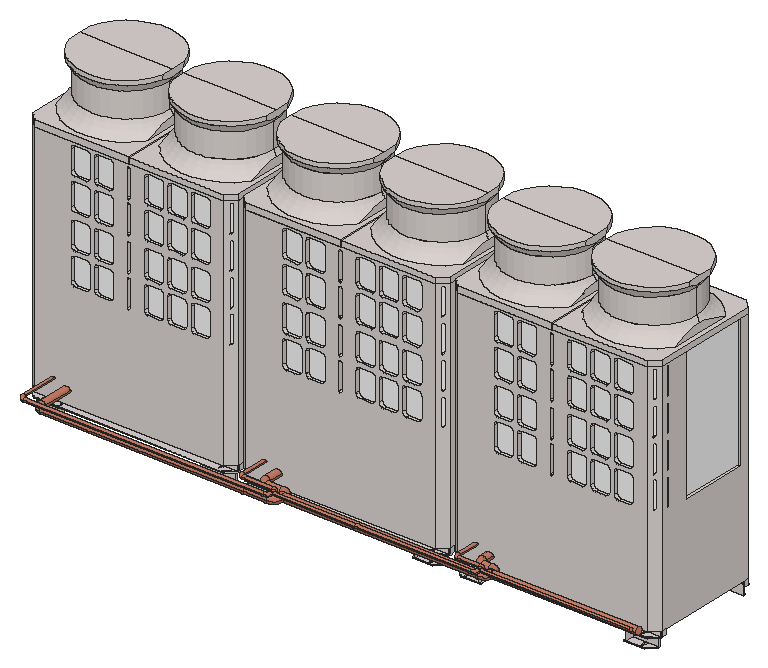
Revit family "PUHY-EP1150YSNW-A1", category 機械設備, Revit 2016 (continued)
Definition of nested family "PUHY-EP350YNW-A1"
  Lines and regions (mm)
    model lines
      curve 14: line (-347, -370, 205) -> (-347, -370, 141)
      curve 15: arc (-485, -370, 215) -> (-492.071, -370, 212.071) -> (-495, -370, 205) r 10
      curve 16: arc (-495, -370, 141) -> (-492.071, -370, 133.929) -> (-485, -370, 131) r 10
      curve 17: arc (-357, -370, 131) -> (-349.929, -370, 133.929) -> (-347, -370, 141) r 10
      curve 18: arc (-347, -370, 205) -> (-349.929, -370, 212.071) -> (-357, -370, 215) r 10
      curve 19: line (-405, -370, 1521) -> (-405, -370, 716)
      curve 20: line (620, -162.3, 1521) -> (620, -162.3, 95)
      curve 21: line (620, 289.2, 1521) -> (620, 289.2, 95)
      curve 22: line (620, -162.3, 705) -> (620, 289.2, 705)
      curve 23: line (620, -162.3, 725) -> (620, 289.2, 725)
      curve 24: line (620, -76.8, 583) -> (620, 203.2, 583)
      curve 25: line (620, 203.2, 563) -> (620, -76.8, 563)
      curve 26: arc (620, -76.8, 583) -> (620, -83.871, 580.071) -> (620, -86.8, 573) r 10
      curve 27: arc (620, -76.8, 563) -> (620, -83.871, 565.929) -> (620, -86.8, 573) r 10
      curve 28: arc (620, 203.2, 583) -> (620, 210.271, 580.071) -> (620, 213.2, 573) r 10
      curve 29: arc (620, 203.2, 563) -> (620, 210.271, 565.929) -> (620, 213.2, 573) r 10
      curve 30: line (620, -76.8, 478) -> (620, 203.2, 478)
      curve 31: line (620, 203.2, 458) -> (620, -76.8, 458)
      curve 32: arc (620, -76.8, 478) -> (620, -83.871, 475.071) -> (620, -86.8, 468) r 10
      curve 33: arc (620, -76.8, 458) -> (620, -83.871, 460.929) -> (620, -86.8, 468) r 10
      curve 34: arc (620, 203.2, 478) -> (620, 210.271, 475.071) -> (620, 213.2, 468) r 10
      curve 35: arc (620, 203.2, 458) -> (620, 210.271, 460.929) -> (620, 213.2, 468) r 10
      curve 36: line (620, -76.8, 373) -> (620, 203.2, 373)
      curve 37: line (620, 203.2, 353) -> (620, -76.8, 353)
      curve 38: arc (620, -76.8, 373) -> (620, -83.871, 370.071) -> (620, -86.8, 363) r 10
      curve 39: arc (620, -76.8, 353) -> (620, -83.871, 355.929) -> (620, -86.8, 363) r 10
      curve 40: arc (620, 203.2, 373) -> (620, 210.271, 370.071) -> (620, 213.2, 363) r 10
      curve 41: arc (620, 203.2, 353) -> (620, 210.271, 355.929) -> (620, 213.2, 363) r 10
      curve 42: line (620, -76.8, 268) -> (620, 203.2, 268)
      curve 43: line (620, 203.2, 248) -> (620, -76.8, 248)
      curve 44: arc (620, -76.8, 268) -> (620, -83.871, 265.071) -> (620, -86.8, 258) r 10
      curve 45: arc (620, -76.8, 248) -> (620, -83.871, 250.929) -> (620, -86.8, 258) r 10
      curve 46: arc (620, 203.2, 268) -> (620, 210.271, 265.071) -> (620, 213.2, 258) r 10
      curve 47: arc (620, 203.2, 248) -> (620, 210.271, 250.929) -> (620, 213.2, 258) r 10
      curve 48: line (-620, -162.3, 1521) -> (-620, -162.3, 95)
      curve 49: line (-620, 235.7, 1521) -> (-620, 235.7, 95)
      curve 50: line (-620, -112.3, 1521) -> (-620, -112.3, 705)
      curve 51: line (-620, 215.7, 1521) -> (-620, 215.7, 705)
      curve 52: line (-620, 235.7, 705) -> (-620, -162.3, 705)
      curve 53: line (-620, 176.7, 268) -> (-620, -103.3, 268)
      curve 54: line (-620, -103.3, 248) -> (-620, 176.7, 248)
      curve 55: arc (-620, 186.7, 258) -> (-620, 183.771, 265.071) -> (-620, 176.7, 268) r 10
      curve 56: arc (-620, 176.7, 248) -> (-620, 183.771, 250.929) -> (-620, 186.7, 258) r 10
      curve 57: arc (-620, -103.3, 268) -> (-620, -110.371, 265.071) -> (-620, -113.3, 258) r 10
      curve 58: arc (-620, -113.3, 258) -> (-620, -110.371, 250.929) -> (-620, -103.3, 248) r 10
      curve 59: line (-620, 176.7, 373) -> (-620, -103.3, 373)
      curve 60: line (-620, -103.3, 353) -> (-620, 176.7, 353)
      curve 61: arc (-620, 186.7, 363) -> (-620, 183.771, 370.071) -> (-620, 176.7, 373) r 10
      curve 62: arc (-620, 176.7, 353) -> (-620, 183.771, 355.929) -> (-620, 186.7, 363) r 10
      curve 63: arc (-620, -103.3, 373) -> (-620, -110.371, 370.071) -> (-620, -113.3, 363) r 10
      curve 64: arc (-620, -113.3, 363) -> (-620, -110.371, 355.929) -> (-620, -103.3, 353) r 10
      curve 65: line (-620, 176.7, 478) -> (-620, -103.3, 478)
      curve 66: line (-620, -103.3, 458) -> (-620, 176.7, 458)
      curve 67: arc (-620, 186.7, 468) -> (-620, 183.771, 475.071) -> (-620, 176.7, 478) r 10
      curve 68: arc (-620, 176.7, 458) -> (-620, 183.771, 460.929) -> (-620, 186.7, 468) r 10
      curve 69: arc (-620, -103.3, 478) -> (-620, -110.371, 475.071) -> (-620, -113.3, 468) r 10
      curve 70: arc (-620, -113.3, 468) -> (-620, -110.371, 460.929) -> (-620, -103.3, 458) r 10
      curve 71: line (-620, 176.7, 583) -> (-620, -103.3, 583)
      curve 72: line (-620, -103.3, 563) -> (-620, 176.7, 563)
      curve 73: arc (-620, 186.7, 573) -> (-620, 183.771, 580.071) -> (-620, 176.7, 583) r 10
      curve 74: arc (-620, 176.7, 563) -> (-620, 183.771, 565.929) -> (-620, 186.7, 573) r 10
      curve 75: arc (-620, -103.3, 583) -> (-620, -110.371, 580.071) -> (-620, -113.3, 573) r 10
      curve 76: arc (-620, -113.3, 573) -> (-620, -110.371, 565.929) -> (-620, -103.3, 563) r 10
      curve 77: line (-544, 370, 1521) -> (-544, 370, 95)
      curve 78: line (489, 370, 649) -> (30, 370, 649)
      curve 79: line (-30.5, 370, 649) -> (-544, 370, 649)
      curve 80: line (-147.25, 370, 584) -> (-427.25, 370, 584)
      curve 81: line (-427.25, 370, 564) -> (-147.25, 370, 564)
      curve 82: arc (-137.25, 370, 574) -> (-140.179, 370, 581.071) -> (-147.25, 370, 584) r 10
      curve 83: arc (-147.25, 370, 564) -> (-140.179, 370, 566.929) -> (-137.25, 370, 574) r 10
      curve 84: arc (-427.25, 370, 584) -> (-434.321, 370, 581.071) -> (-437.25, 370, 574) r 10
      curve 85: arc (-437.25, 370, 574) -> (-434.321, 370, 566.929) -> (-427.25, 370, 564) r 10
      curve 86: circle (448, -185, 1521) r 15 normal (0, 0, 1)
      curve 87: circle (468, -185, 95) r 26 normal (0, 0, 1)
      curve 88: circle (448, -260, 95) r 32.5 normal (0, 0, 1)
      curve 89: circle (404, -204, 95) r 17 normal (0, 0, 1)
      curve 90: line (-550, -370, 1521) -> (-550, -370, 95)
      curve 91: line (-550, -370, 716) -> (-30, -370, 716)
      curve 92: line (550, -370, 95) -> (550, -370, 1521)
      curve 93: line (30, -370, 716) -> (550, -370, 716)
      curve 94: line (-30.5, 370, 1521) -> (-30.5, 370, 95)
      curve 95: line (30, 370, 1521) -> (30, 370, 95)
      curve 96: line (489, 370, 1521) -> (489, 370, 95)
      curve 97: line (467, 370, 669) -> (467, 370, 649)
      curve 98: line (-352, -370, 223) -> (-550, -370, 223)
      curve 99: line (-342, -370, 213) -> (-342, -370, 95)
      curve 100: arc (-342, -370, 213) -> (-344.929, -370, 220.071) -> (-352, -370, 223) r 10
      curve 101: circle (488, -370, 160) r 32.5 normal (0, -1, 0)
      curve 102: circle (488, -370, 160) r 20 normal (0, -1, 0)
      curve 103: circle (364, -370, 150) r 17 normal (0, -1, 0)
      curve 104: circle (413, -370, 185) r 26 normal (0, -1, 0)
      curve 105: circle (413, -370, 185) r 13.5 normal (0, -1, 0)
      curve 106: line (352, -370, 223) -> (550, -370, 223)
      curve 107: line (342, -370, 213) -> (342, -370, 95)
      curve 108: arc (342, -370, 213) -> (344.929, -370, 220.071) -> (352, -370, 223) r 10
      curve 109: line (-147.25, 370, 479) -> (-427.25, 370, 479)
      curve 110: line (-427.25, 370, 459) -> (-147.25, 370, 459)
      curve 111: arc (-137.25, 370, 469) -> (-140.179, 370, 476.071) -> (-147.25, 370, 479) r 10
      curve 112: arc (-147.25, 370, 459) -> (-140.179, 370, 461.929) -> (-137.25, 370, 469) r 10
      curve 113: arc (-427.25, 370, 479) -> (-434.321, 370, 476.071) -> (-437.25, 370, 469) r 10
      curve 114: arc (-437.25, 370, 469) -> (-434.321, 370, 461.929) -> (-427.25, 370, 459) r 10
      curve 115: line (-147.25, 370, 374) -> (-427.25, 370, 374)
      curve 116: line (-427.25, 370, 354) -> (-147.25, 370, 354)
      curve 117: arc (-137.25, 370, 364) -> (-140.179, 370, 371.071) -> (-147.25, 370, 374) r 10
      curve 118: arc (-147.25, 370, 354) -> (-140.179, 370, 356.929) -> (-137.25, 370, 364) r 10
      curve 119: arc (-427.25, 370, 374) -> (-434.321, 370, 371.071) -> (-437.25, 370, 364) r 10
      curve 120: arc (-437.25, 370, 364) -> (-434.321, 370, 356.929) -> (-427.25, 370, 354) r 10
      curve 121: line (-147.25, 370, 269) -> (-427.25, 370, 269)
      curve 122: line (-427.25, 370, 249) -> (-147.25, 370, 249)
      curve 123: arc (-137.25, 370, 259) -> (-140.179, 370, 266.071) -> (-147.25, 370, 269) r 10
      curve 124: arc (-147.25, 370, 249) -> (-140.179, 370, 251.929) -> (-137.25, 370, 259) r 10
      curve 125: arc (-427.25, 370, 269) -> (-434.321, 370, 266.071) -> (-437.25, 370, 259) r 10
      curve 126: arc (-437.25, 370, 259) -> (-434.321, 370, 251.929) -> (-427.25, 370, 249) r 10
      curve 127: line (399.5, 370, 584) -> (119.5, 370, 584)
      curve 128: line (119.5, 370, 564) -> (399.5, 370, 564)
      curve 129: arc (409.5, 370, 574) -> (406.571, 370, 581.071) -> (399.5, 370, 584) r 10
      curve 130: arc (399.5, 370, 564) -> (406.571, 370, 566.929) -> (409.5, 370, 574) r 10
      curve 131: arc (119.5, 370, 584) -> (112.429, 370, 581.071) -> (109.5, 370, 574) r 10
      curve 132: arc (109.5, 370, 574) -> (112.429, 370, 566.929) -> (119.5, 370, 564) r 10
      curve 133: line (399.5, 370, 479) -> (119.5, 370, 479)
      curve 134: line (119.5, 370, 459) -> (399.5, 370, 459)
      curve 135: arc (409.5, 370, 469) -> (406.571, 370, 476.071) -> (399.5, 370, 479) r 10
      curve 136: arc (399.5, 370, 459) -> (406.571, 370, 461.929) -> (409.5, 370, 469) r 10
      curve 137: arc (119.5, 370, 479) -> (112.429, 370, 476.071) -> (109.5, 370, 469) r 10
      curve 138: arc (109.5, 370, 469) -> (112.429, 370, 461.929) -> (119.5, 370, 459) r 10
      curve 139: line (399.5, 370, 374) -> (119.5, 370, 374)
      curve 140: line (119.5, 370, 354) -> (399.5, 370, 354)
      curve 141: arc (409.5, 370, 364) -> (406.571, 370, 371.071) -> (399.5, 370, 374) r 10
      curve 142: arc (399.5, 370, 354) -> (406.571, 370, 356.929) -> (409.5, 370, 364) r 10
      curve 143: arc (119.5, 370, 374) -> (112.429, 370, 371.071) -> (109.5, 370, 364) r 10
      curve 144: arc (109.5, 370, 364) -> (112.429, 370, 356.929) -> (119.5, 370, 354) r 10
      curve 145: line (399.5, 370, 269) -> (119.5, 370, 269)
      curve 146: line (119.5, 370, 249) -> (399.5, 370, 249)
      curve 147: arc (409.5, 370, 259) -> (406.571, 370, 266.071) -> (399.5, 370, 269) r 10
      curve 148: arc (399.5, 370, 249) -> (406.571, 370, 251.929) -> (409.5, 370, 259) r 10
      curve 149: arc (119.5, 370, 269) -> (112.429, 370, 266.071) -> (109.5, 370, 259) r 10
      curve 150: arc (109.5, 370, 259) -> (112.429, 370, 251.929) -> (119.5, 370, 249) r 10
      curve 151: line (399.5, -370, 584) -> (119.5, -370, 584)
      curve 152: line (119.5, -370, 564) -> (399.5, -370, 564)
      curve 153: arc (409.5, -370, 574) -> (406.571, -370, 581.071) -> (399.5, -370, 584) r 10
      curve 154: arc (399.5, -370, 564) -> (406.571, -370, 566.929) -> (409.5, -370, 574) r 10
      curve 155: arc (119.5, -370, 584) -> (112.429, -370, 581.071) -> (109.5, -370, 574) r 10
      curve 156: arc (109.5, -370, 574) -> (112.429, -370, 566.929) -> (119.5, -370, 564) r 10
      curve 157: line (399.5, -370, 479) -> (119.5, -370, 479)
      curve 158: line (119.5, -370, 459) -> (399.5, -370, 459)
      curve 159: arc (409.5, -370, 469) -> (406.571, -370, 476.071) -> (399.5, -370, 479) r 10
      curve 160: arc (399.5, -370, 459) -> (406.571, -370, 461.929) -> (409.5, -370, 469) r 10
      curve 161: arc (119.5, -370, 479) -> (112.429, -370, 476.071) -> (109.5, -370, 469) r 10
      curve 162: arc (109.5, -370, 469) -> (112.429, -370, 461.929) -> (119.5, -370, 459) r 10
      curve 163: line (399.5, -370, 374) -> (119.5, -370, 374)
      curve 164: line (119.5, -370, 354) -> (399.5, -370, 354)
      curve 165: arc (409.5, -370, 364) -> (406.571, -370, 371.071) -> (399.5, -370, 374) r 10
      curve 166: arc (399.5, -370, 354) -> (406.571, -370, 356.929) -> (409.5, -370, 364) r 10
      curve 167: arc (119.5, -370, 374) -> (112.429, -370, 371.071) -> (109.5, -370, 364) r 10
      curve 168: arc (109.5, -370, 364) -> (112.429, -370, 356.929) -> (119.5, -370, 354) r 10
      curve 169: arc (119.5, -370, 269) -> (112.429, -370, 266.071) -> (109.5, -370, 259) r 10
      curve 170: arc (109.5, -370, 259) -> (112.429, -370, 251.929) -> (119.5, -370, 249) r 10
      curve 171: line (-147.25, -370, 584) -> (-427.25, -370, 584)
      curve 172: line (-427.25, -370, 564) -> (-147.25, -370, 564)
      curve 173: arc (-137.25, -370, 574) -> (-140.179, -370, 581.071) -> (-147.25, -370, 584) r 10
      curve 174: arc (-147.25, -370, 564) -> (-140.179, -370, 566.929) -> (-137.25, -370, 574) r 10
      curve 175: arc (-427.25, -370, 584) -> (-434.321, -370, 581.071) -> (-437.25, -370, 574) r 10
      curve 176: arc (-437.25, -370, 574) -> (-434.321, -370, 566.929) -> (-427.25, -370, 564) r 10
      curve 177: line (-147.25, -370, 479) -> (-427.25, -370, 479)
      curve 178: line (-427.25, -370, 459) -> (-147.25, -370, 459)
      curve 179: arc (-137.25, -370, 469) -> (-140.179, -370, 476.071) -> (-147.25, -370, 479) r 10
      curve 180: arc (-147.25, -370, 459) -> (-140.179, -370, 461.929) -> (-137.25, -370, 469) r 10
      curve 181: arc (-427.25, -370, 479) -> (-434.321, -370, 476.071) -> (-437.25, -370, 469) r 10
      curve 182: arc (-437.25, -370, 469) -> (-434.321, -370, 461.929) -> (-427.25, -370, 459) r 10
      curve 183: line (-147.25, -370, 374) -> (-427.25, -370, 374)
      curve 184: line (-427.25, -370, 354) -> (-147.25, -370, 354)
      curve 185: arc (-137.25, -370, 364) -> (-140.179, -370, 371.071) -> (-147.25, -370, 374) r 10
      curve 186: arc (-147.25, -370, 354) -> (-140.179, -370, 356.929) -> (-137.25, -370, 364) r 10
      curve 187: arc (-427.25, -370, 374) -> (-434.321, -370, 371.071) -> (-437.25, -370, 364) r 10
      curve 188: arc (-437.25, -370, 364) -> (-434.321, -370, 356.929) -> (-427.25, -370, 354) r 10
      curve 189: line (-147.25, -370, 269) -> (-262.25, -370, 269)
      curve 190: line (-262.25, -370, 249) -> (-147.25, -370, 249)
      curve 191: arc (-137.25, -370, 259) -> (-140.179, -370, 266.071) -> (-147.25, -370, 269) r 10
      curve 192: arc (-147.25, -370, 249) -> (-140.179, -370, 251.929) -> (-137.25, -370, 259) r 10
      curve 193: arc (-262.25, -370, 269) -> (-269.321, -370, 266.071) -> (-272.25, -370, 259) r 10
      curve 194: arc (-272.25, -370, 259) -> (-269.321, -370, 251.929) -> (-262.25, -370, 249) r 10
      curve 195: line (234.5, -370, 269) -> (119.5, -370, 269)
      curve 196: line (119.5, -370, 249) -> (234.5, -370, 249)
      curve 197: arc (244.5, -370, 259) -> (241.571, -370, 266.071) -> (234.5, -370, 269) r 10
      curve 198: arc (234.5, -370, 249) -> (241.571, -370, 251.929) -> (244.5, -370, 259) r 10
  Dimensions and locks
    nested 2 to nested 2 = 303.000 mm
    cut or joined group 1 (Extrusion 1, Extrusion 2, Extrusion 3, Extrusion 4, Extrusion 5, Extrusion 6, Extrusion 7, Extrusion 8, Extrusion 9, Extrusion 10, Extrusion 11, Extrusion 12, Extrusion 13, Extrusion 14, Extrusion 15, Extrusion 16, Extrusion 17, Extrusion 18, Extrusion 19, Extrusion 20, Extrusion 21, Extrusion 22, Extrusion 23, Extrusion 24, Extrusion 25, Extrusion 26, Extrusion 27, Extrusion 28, Extrusion 29, Extrusion 30, Extrusion 31, Extrusion 32, Extrusion 33) to cut or joined group 1 = 1240.000 mm
    Extrusion 2 sketch curve to Extrusion 2 sketch curve = 116.800 mm
    Extrusion 2 sketch curve to Extrusion 2 sketch curve = 170.800 mm
    Extrusion 3 sketch curve to Extrusion 3 sketch curve = 116.800 mm
    Extrusion 3 sketch curve to Extrusion 3 sketch curve = 170.800 mm
    Extrusion 4 sketch curve to Extrusion 4 sketch curve = 116.800 mm
    Extrusion 4 sketch curve to Extrusion 4 sketch curve = 170.800 mm
    Extrusion 5 sketch curve to Extrusion 5 sketch curve = 116.800 mm
    Extrusion 5 sketch curve to Extrusion 5 sketch curve = 170.800 mm
    Extrusion 6 sketch curve to Extrusion 6 sketch curve = 116.800 mm
    Extrusion 6 sketch curve to Extrusion 6 sketch curve = 170.800 mm
    Extrusion 7 sketch curve to Extrusion 7 sketch curve = 116.800 mm
    Extrusion 7 sketch curve to Extrusion 7 sketch curve = 170.800 mm
    Extrusion 8 sketch curve to Extrusion 8 sketch curve = 116.800 mm
    Extrusion 8 sketch curve to Extrusion 8 sketch curve = 170.800 mm
    Extrusion 9 sketch curve to Extrusion 9 sketch curve = 116.800 mm
    Extrusion 9 sketch curve to Extrusion 9 sketch curve = 170.800 mm
    cut or joined group 1 to cut or joined group 1 = 50.000 mm  (x2)
    Extrusion 10 sketch curve to Extrusion 10 sketch curve = 116.800 mm
    Extrusion 10 sketch curve to Extrusion 10 sketch curve = 170.800 mm
    Extrusion 11 sketch curve to Extrusion 11 sketch curve = 116.800 mm
    Extrusion 11 sketch curve to Extrusion 11 sketch curve = 170.800 mm
    Extrusion 12 sketch curve to Extrusion 12 sketch curve = 116.800 mm
    Extrusion 12 sketch curve to Extrusion 12 sketch curve = 170.800 mm
    Extrusion 13 sketch curve to Extrusion 13 sketch curve = 116.800 mm
    Extrusion 13 sketch curve to Extrusion 13 sketch curve = 170.800 mm
    Extrusion 14 sketch curve to Extrusion 14 sketch curve = 116.800 mm
    Extrusion 14 sketch curve to Extrusion 14 sketch curve = 170.800 mm
    Extrusion 15 sketch curve to Extrusion 15 sketch curve = 116.800 mm
    Extrusion 15 sketch curve to Extrusion 15 sketch curve = 170.800 mm
    Extrusion 16 sketch curve to Extrusion 16 sketch curve = 116.800 mm
    Extrusion 16 sketch curve to Extrusion 16 sketch curve = 170.800 mm
    Extrusion 17 sketch curve to Extrusion 17 sketch curve = 116.800 mm
    Extrusion 17 sketch curve to Extrusion 17 sketch curve = 170.800 mm
    Extrusion 18 sketch curve to Extrusion 18 sketch curve = 116.800 mm
    Extrusion 18 sketch curve to Extrusion 18 sketch curve = 170.800 mm
    Extrusion 19 sketch curve to Extrusion 19 sketch curve = 116.800 mm
    Extrusion 19 sketch curve to Extrusion 19 sketch curve = 170.800 mm
    Extrusion 20 sketch curve to Extrusion 20 sketch curve = 116.800 mm
    Extrusion 20 sketch curve to Extrusion 20 sketch curve = 170.800 mm
    Extrusion 21 sketch curve to Extrusion 21 sketch curve = 116.800 mm
    Extrusion 21 sketch curve to Extrusion 21 sketch curve = 170.800 mm
    plane 3 "Center (Left/Right)" to cut or joined group 1 = 620.000 mm
    cut or joined group 1 to plane 3 "Center (Left/Right)" = 620.000 mm
    Extrusion 1 sketch curve to Extrusion 1 sketch curve = 1240.000 mm
    cut or joined group 1 to plane 8 = 185.000 mm
    cut or joined group 1 to plane 7 = 166.000 mm
    cut or joined group 1 to plane 6 = 110.000 mm
    cut or joined group 1 to plane 12 to cut or joined group 1 = 805.000 mm, 621.000 mm
    plane 5 to plane 2 = 1858.000 mm  (x2)
    cut or joined group 1 to plane 19 "132" = 132.000 mm
    cut or joined group 1 to plane 22 = 207.000 mm
    cut or joined group 1 to plane 23 = 256.000 mm
    cut or joined group 1 to plane 6 = 60.000 mm
    cut or joined group 1 to cut or joined group 1 = 42.154 mm
    cut or joined group 1 to cut or joined group 1 = 11.895 mm
    nested 1 to nested 3 to level = 1798.000 mm, 60.000 mm
    nested 1 to nested 1 = 303.000 mm
    nested 1 to nested 3 = 1495.000 mm
    nested 8 to nested 8 to nested 8 to nested 7 to nested 7 to nested 7 = 54.000 mm, 20.000 mm, 592.000 mm, 20.000 mm, 54.000 mm
    nested 3 to nested 3 = 56.000 mm
    plane 11 to plane 31 to plane 32 to cut or joined group 1 = 90.000 mm, 1060.000 mm, 90.000 mm
    curve 103 to nested 7 = 90.000 mm
    curve 104 to nested 7 = 125.000 mm
    curve 101 to nested 7 = 100.000 mm
    curve 11 to curve 13 to nested 7 = 84.000 mm, 71.000 mm
    cut or joined group 1 to curve 12 to curve 14 = 125.000 mm, 148.000 mm
    nested 2 to nested 7 = 1495.000 mm
    curve 87 to cut or joined group 1 = 152.000 mm
    curve 88 to cut or joined group 1 = 172.000 mm
    curve 89 to cut or joined group 1 = 216.000 mm
    cut or joined group 1 to curve 4 to curve 2 = 128.000 mm, 150.000 mm
    cut or joined group 1 to curve 1 to curve 3 = 79.000 mm, 94.000 mm
    Extrusion 32 sketch curve to nested 7 = 116.000 mm
    cut or joined group 1 to Extrusion 32 sketch curve = 160.000 mm
    cut or joined group 1 to Extrusion 33 sketch curve = 243.000 mm
    Extrusion 33 sketch curve to nested 7 = 116.000 mm
    cut or joined group 1 to cut or joined group 1 = 740.000 mm
    plane 30 to plane 4 = 740.000 mm
    aligned and locked: level to plane 2
    aligned and locked: Extrusion 1 to plane 4
  Nested families
    nested 1: "FAN GUARD" at (-311.5, 2, 860), type "FAN GUARD"
      with WIDTH 870.000 mm
    nested 2: "FAN GUARD" at (311.5, 2, 860) x (-1, 0, 0) z (0, 0, 1), type "FAN GUARD"
      with WIDTH 870.000 mm
    nested 3: "ATTACHMENT LEG" at (-524, -349, 0), type "ATTACHMENT LEG"
    nested 4: "ATTACHMENT LEG" at (-524, 349, 0), type "ATTACHMENT LEG"
    nested 5: "ATTACHMENT LEG" at (524, -349, 0) x (-1, 0, 0) z (0, 0, 1), type "ATTACHMENT LEG"
    nested 6: "ATTACHMENT LEG" at (524, 349, 0) x (-1, 0, 0) z (0, 0, 1), type "ATTACHMENT LEG"
    nested 7: "BASE LEG_L_" at (0, -352, 60), type "BASE LEG_L_"
      with Width 1240.000 mm
    nested 8: "BASE LEG_L_" at (0, 352, 60), type "BASE LEG_L_"
      with Width 1240.000 mm
  Connectors
    piping at (-460, -191, 176), diameter 25.4, driven by "Liquid pipe_radius"
      settings: on cut or joined group 1, index 3, connector inside diameter 25.4 mm, connector length 0.000 mm, flow factor 0, pipe flow 0.0 L/s, pressure drop 0.0 Pa, fitting loss kfactor 0, connector angle 0.00°, fixture units 0, engagement length 0.000 mm, angle of deflection 0.00°, flow configuration 0, flow direction 0, fitting loss method 0, system type 22, joint type 0, gender type 0, connector reference index -1, connector utility 0, adjustable connector no, is connector primary yes, connector description "Refrigerant service valve<Liquid pipe>"
    piping at (-377, -191, 176), diameter 28.58, driven by "Gas pipe_radius"
      settings: on cut or joined group 1, index 4, connector inside diameter 28.58 mm, connector length 0.000 mm, flow factor 0, pipe flow 0.0 L/s, pressure drop 0.0 Pa, fitting loss kfactor 0, connector angle 0.00°, fixture units 0, engagement length 0.000 mm, angle of deflection 0.00°, flow configuration 0, flow direction 0, fitting loss method 0, system type 22, joint type 0, gender type 0, connector reference index -1, connector utility 0, adjustable connector no, is connector primary no, connector description "Refrigerant service valve<Gas>"
    electrical at (0, -370, 808)
      settings: on cut or joined group 1, index 5, voltage 0 V, apparent load 0 VA, apparent load phase1 0 VA, apparent load phase2 0 VA, apparent load phase3 0 VA, power factor 1, load classification none, number of poles 1, system type 30, power factor state 1, is connector primary yes, connector utility no, sub classification motor no, connector description ""
  Definition of nested family "FAN GUARD"
    Parameters
      WIDTH [instance] = 870.000 mm
    Reference planes
      plane 1 "中心(正面/背面)": y = -2
      plane 2: z = 0
      plane 3 "ファンガード基準面": z = 661
      plane 4: y = 368
      plane 5: x = 366
      plane 6: x = -375
      plane 7 "ファンガード基準上面": z = 695
      plane 8 "ファンガード上面": z = 998
      plane 9: x = -273.971
      plane 10: x = 308.5
      plane 11: x = -308.5
      plane 12: x = 0
    Forms (mm)
      Extrusion 1, solid
        sketch origin (85, 0, 661) x (-1, 0, 0) y (0, -1, 0)
          loop
            line (343.5, -368) -> (393.5, -318) -> (393.5, 322) -> (343.5, 372) -> (-223.5, 372) -> (-223.5, -368) -> (343.5, -368)
        from 0 to 34
      Revolve 2, solid
        sketch origin (0, -2, 0) x (1, 0, 0) y (0, 0, 1)
          loop
            line (0, 695) -> (0, 998) -> (-290, 998) -> (-290, 972.327) -> (-260, 928.372) -> (-260, 777.384)
            arc (-260, 777.384) -> (-290.651, 730.137) -> (-334.665, 695) r 175.882
            line (-334.665, 695) -> (0, 695)
          axis (0, 998) -> (0, 695)
        angle from 0 to 360
      Extrusion 3, void
        sketch origin (-840, 75, 695) x (-1, 0, 0) y (0, -1, 0)
          loop
            line (-410, -165) -> (-410, 315) -> (-561.253, 315) -> (-561.253, -165) -> (-410, -165)
        from -35 to 430.592
      Extrusion 4, void
        sketch origin (840, 75, 695) x (1, 0, 0) y (0, 1, 0)
          loop
            line (-410, 165) -> (-561.253, 165) -> (-561.253, -315) -> (-410, -315) -> (-410, 165)
        from 0 to 430.592
    Cuts and joins
      Extrusion 3, Extrusion 4 cuts Revolve 2
      Extrusion 4 cuts Extrusion 1
    Lines and regions (mm)
      model lines
        curve 1: line (-278.747, 0, 998) -> (-80, 0, 998)
        curve 2: line (80, 0, 998) -> (278.747, 0, 998)
        curve 3: circle (0, 0, 998) r 80 normal (0, 0, 1)
        curve 4: line (-278.747, -80, 998) -> (278.747, -80, 998)
        curve 5: line (-241.868, -160, 998) -> (241.868, -160, 998)
        curve 6: line (-162.788, -240, 998) -> (162.788, -240, 998)
        curve 7: line (-278.747, 80, 998) -> (278.747, 80, 998)
        curve 8: line (-241.868, 160, 998) -> (240, 160, 998)
        curve 9: line (-160, 240, 998) -> (162.788, 240, 998)
        curve 10: line (0, 290, 998) -> (0, -290, 998)
        curve 11: line (-20, 289.31, 998) -> (-20, -289.31, 998)
        curve 12: line (-40, 287.228, 998) -> (-40, -287.228, 998)
        curve 13: line (-60, 283.725, 998) -> (-60, -283.725, 998)
        curve 14: line (-80, 278.747, 998) -> (-80, -278.747, 998)
        curve 15: line (20, 289.31, 998) -> (20, -289.31, 998)
        curve 16: line (40, 287.228, 998) -> (40, -287.228, 998)
        curve 17: line (60, 283.725, 998) -> (60, -283.725, 998)
        curve 18: line (80, 278.747, 998) -> (80, -278.747, 998)
        curve 19: line (100, 272.213, 998) -> (100, -272.213, 998)
        curve 20: line (120, 264.008, 998) -> (120, -264.008, 998)
        curve 21: line (140, 253.969, 998) -> (140, -253.969, 998)
        curve 22: line (160, 241.868, 998) -> (160, -243.132, 998)
        curve 23: line (180, 227.376, 998) -> (180, -227.624, 998)
        curve 24: line (200, 210, 998) -> (200, -210, 998)
        curve 25: line (220, 188.944, 998) -> (220, -188.944, 998)
        curve 26: line (240, 160, 998) -> (240, -162.788, 998)
        curve 27: line (260, 128.452, 998) -> (260, -128.452, 998)
        curve 28: line (-100, 272.213, 998) -> (-100, -272.213, 998)
        curve 29: line (-120, 264.008, 998) -> (-120, -264.008, 998)
        curve 30: line (-140, 253.969, 998) -> (-140, -253.969, 998)
        curve 31: line (-160, 240, 998) -> (-160, -241.868, 998)
        curve 32: line (-180, 227.376, 998) -> (-180, -227.376, 998)
        curve 33: line (-200, 210, 998) -> (-200, -210, 998)
        curve 34: line (-220, 188.944, 998) -> (-220, -188.944, 998)
        curve 35: line (-240, 162.788, 998) -> (-240, -162.788, 998)
        curve 36: line (-260, 128.452, 998) -> (-260, -128.452, 998)
        curve 37: line (10, 79.373, 998) -> (10, -79.373, 998)
        curve 38: line (-10, 79.373, 998) -> (-10, -79.373, 998)
        curve 39: line (30, 74.162, 998) -> (30, -74.162, 998)
        curve 40: line (50, 62.45, 998) -> (50, -62.45, 998)
        curve 41: line (70, 38.73, 998) -> (70, -38.73, 998)
        curve 42: line (-30, 74.162, 998) -> (-30, -74.162, 998)
        curve 43: line (-50, 62.45, 998) -> (-50, -62.45, 998)
        curve 44: line (-70, 38.73, 998) -> (-70, -38.73, 998)
    Dimensions and locks
      locked: plane 8 "ファンガード上面" to plane 7 "ファンガード基準上面" at 303
      plane 8 "ファンガード上面" to plane 3 "ファンガード基準面" = 337.000 mm
      Revolve 2 sketch curve to Revolve 2 sketch curve = 290.000 mm
      Extrusion 1 sketch curve to Extrusion 1 sketch curve = 740.000 mm
      equal spacing: Extrusion 1 sketch curve, plane 1 "中心(正面/背面)", Extrusion 1 sketch curve
      plane 6 to plane 5 = 741.000 mm
      Extrusion 1 sketch curve to Extrusion 1 sketch curve = 617.000 mm
      plane 11 to plane 10 = 617.000 mm
      cut or joined group of Extrusion 1, Extrusion 4 to cut or joined group of Extrusion 1, Extrusion 4 = 617.000 mm
      cut or joined group of Extrusion 1, Extrusion 4 to cut or joined group of Extrusion 1, Extrusion 4 = 740.000 mm
      aligned and locked: level to plane 2
      aligned and locked: plane 7 "ファンガード基準上面" to Extrusion 1
      aligned and locked: plane 3 "ファンガード基準面" to Extrusion 1
      aligned and locked: cut or joined group of Revolve 2, Extrusion 3, Extrusion 4 to plane 8 "ファンガード上面"
  Definition of nested family "ATTACHMENT LEG"
    Parameters
      Width = 145.000 mm
    Reference planes
      plane 1: z = 0
      plane 2 "中心(左/右)": x = -6
      plane 3: x = -52
      plane 4: x = 85
      plane 5: x = 93
      plane 6: y = -21
      plane 7: y = 27
      plane 8: x = -30
      plane 9: y = 39
      plane 10: z = 60
      plane 11: z = 57
      plane 12: z = 3
      plane 13: x = 82
      plane 14: y = 36
      plane 15: x = -75
      plane 16: y = 31
      plane 17 "幅": x = 93
      plane 18: y = 2.5
      plane 19: y = 21
      plane 20: y = -10
    Forms (mm)
      Extrusion 1, solid
        sketch origin (0, -1, 0) x (1, 0, 0) y (0, 1, 0)
          loop
            line (-75, 36) -> (-75, 27) -> (-28, -20) -> (93, -20) -> (93, 32) -> (85, 32) -> (85, 36) -> (-75, 36)
        from 0 to 60
      Extrusion 2, void
        sketch origin (0, -3, 0) x (1, 0, 0) y (0, 0, 1)
          loop
            line (-75, 57) -> (-75, 3) -> (82, 3) -> (82, 57) -> (-75, 57)
          loop
            line (93, 57) -> (85, 57) -> (85, 3) -> (93, 3) -> (93, 57)
        from -35 to 18
      Extrusion 3, void
        sketch origin (-6, 5.5, 0) x (1, 0, 0) y (0, 1, 0)
          loop
            arc (-7, -8.5) -> (0, -15.5) -> (7, -8.5) r 7
            line (7, -8.5) -> (7, 8.5)
            arc (7, 8.5) -> (0, 15.5) -> (-7, 8.5) r 7
            line (-7, 8.5) -> (-7, -8.5)
        from 0 to 60
    Cuts and joins
      Extrusion 2, Extrusion 3 cuts Extrusion 1
    Dimensions and locks
      locked: plane 3 to plane 4 at 137
      locked: plane 3 to plane 5 at 145
      plane 6 to plane 7 = 48.000 mm
      locked: plane 10 to level at 60
      Extrusion 3 sketch curve to plane 2 "中心(左/右)" = 7.000 mm
      locked: plane 15 to plane 2 "中心(左/右)" at 69
      locked: plane 15 to plane 8 at 45
      locked: plane 6 to plane 18 at 23.5
      cut or joined group of Extrusion 1, Extrusion 2, Extrusion 3 to cut or joined group of Extrusion 1, Extrusion 2, Extrusion 3 = 168.000 mm
      cut or joined group of Extrusion 1, Extrusion 2, Extrusion 3 to cut or joined group of Extrusion 1, Extrusion 2, Extrusion 3 = 56.000 mm  (x2)
      plane 14 to plane 6 = 57.000 mm
      aligned and locked: level to plane 1
      aligned and locked: Extrusion 1 sketch curve to plane 4
      aligned and locked: Extrusion 1 sketch curve to plane 5
      aligned: plane 8 to Extrusion 1 sketch curve
      aligned and locked: plane 10 to Extrusion 1
      aligned and locked: Extrusion 2 sketch curve to plane 11
      aligned: plane 3 to Extrusion 2 sketch curve
      aligned and locked: plane 12 to Extrusion 2 sketch curve
      aligned and locked: Extrusion 2 sketch curve to plane 13
      aligned and locked: plane 6 to Extrusion 2
      aligned and locked: plane 11 to Extrusion 2 sketch curve
      aligned and locked: plane 5 to Extrusion 2 sketch curve
      aligned and locked: Extrusion 2 sketch curve to plane 12
      aligned and locked: Extrusion 2 sketch curve to plane 4
      aligned and locked: plane 15 to Extrusion 1 sketch curve
      aligned and locked: Extrusion 2 sketch curve to cut or joined group of Extrusion 1, Extrusion 2, Extrusion 3
      aligned and locked: Extrusion 1 to plane 16
  Definition of nested family "BASE LEG_L_"
    Parameters
      Width [instance] = 1240.000 mm
    Reference planes
      plane 1 "中心(正面/背面)": y = 0
      plane 2: z = 0
      plane 3 "中心(左/右)": x = 0
      plane 4: x = 620
      plane 5: x = -620
      plane 6: x = -530
      plane 7: x = 530
      plane 8: y = -18
      plane 9: y = 39
      plane 10: z = 53
      plane 11: y = 42
      plane 12: y = 27
      plane 13: x = 575
      plane 14: x = -575
      plane 15: z = 8
      plane 16: y = 11.5
      plane 17: z = 35
    Forms (mm)
      Extrusion 1, solid
        sketch origin (0, 0, 0) x (0, 1, 0) y (0, 0, 1)
          loop
            line (-18, 0) -> (36, 0) -> (36, 32) -> (56, 32) -> (56, 35) -> (33, 35) -> (33, 3) -> (-18, 3) -> (-18, 0)
        from -620 to 620
      Extrusion 2, void
        sketch origin (0, 0, 0) x (1, 0, 0) y (0, 1, 0)
          loop
            line (575, -18) -> (620, -18) -> (620, 27) -> (575, -18)
          loop
            line (-575, -18) -> (-620, 27) -> (-620, -18) -> (-575, -18)
        from 0 to 250
      Extrusion 3, void
        sketch origin (0, 12.023, 0) x (1, 0, 0) y (0, 1, 0)
          loop
            arc (523, -2.971) -> (530, -9.971) -> (537, -2.971) r 7
            line (537, -2.971) -> (537, 3.023)
            arc (537, 3.023) -> (530, 10.023) -> (523, 3.023) r 7
            line (523, 3.023) -> (523, -2.971)
          loop
            line (-523, -2.971) -> (-523, 3.023)
            arc (-523, 3.023) -> (-530, 10.023) -> (-537, 3.023) r 7
            line (-537, 3.023) -> (-537, -2.971)
            arc (-537, -2.971) -> (-530, -9.971) -> (-523, -2.971) r 7
        from 0 to 250
      Extrusion 4, solid
        sketch origin (0, 0, -3) x (1, 0, 0) y (0, 0, 1)
          loop
            line (617, 8) -> (620, 8) -> (620, 35) -> (617, 35) -> (617, 8)
          loop
            line (-617, 8) -> (-617, 35) -> (-620, 35) -> (-620, 8) -> (-617, 8)
        from -36 to -56
      Extrusion 5, solid
        sketch origin (150, 352, 0) x (1, 0, 0) y (0, 1, 0)
          loop
            line (460, -319) -> (455, -319) -> (455, -320) -> (405, -370) -> (410, -370) -> (460, -320) -> (460, -319)
        from 3 to 35
      Extrusion 6, void
        sketch origin (560, -18, 0) x (0.707107, 0.707107, 0) y (0, 0, 1)
          loop
            line (70.711, 3) -> (-6.741, 39.767) -> (-6.741, 3) -> (70.711, 3)
        from -190.256 to 23.776
      Extrusion 7, solid
        sketch origin (-150, 352, 0) x (-1, 0, 0) y (0, -1, 0)
          loop
            line (460, 319) -> (460, 320) -> (410, 370) -> (405, 370) -> (455, 320) -> (455, 319) -> (460, 319)
        from 3 to 35
      Extrusion 8, void
        sketch origin (-560, -18, 0) x (0.707107, -0.707107, 0) y (0, 0, -1)
          loop
            line (-70.711, -3) -> (0, -35) -> (6.741, -35) -> (6.741, -3) -> (-70.711, -3)
        from -190.256 to 23.776
    Cuts and joins
      Extrusion 2, Extrusion 3 cuts Extrusion 1
      joined: Extrusion 1, Extrusion 4
      Extrusion 8 cuts Extrusion 7
      Extrusion 6 cuts Extrusion 5
    Dimensions and locks
      "Width": plane 5 to plane 4
      equal spacing: plane 5, plane 3 "中心(左/右)", plane 4
      locked: plane 5 to plane 6 at 90
      locked: plane 7 to plane 4 at 90
      locked: plane 8 to plane 9 at 57
      locked: plane 10 to level at 53
      locked: plane 9 to plane 11 at 3
      plane 8 to plane 12 = 45.000 mm
      locked: plane 13 to plane 4 at 45
      locked: plane 5 to plane 14 at 45
      equal spacing: Extrusion 3 sketch curve, plane 7, Extrusion 3 sketch curve
      equal spacing: Extrusion 3 sketch curve, plane 6, Extrusion 3 sketch curve
      locked: plane 10 to plane 15 at 45
      locked: cut or joined group of Extrusion 1, Extrusion 2, Extrusion 3, Extrusion 4 to Extrusion 4 sketch curve at 3  (x2)
      locked: plane 8 to plane 16 at 29.5
      plane 8 to plane 11 = 60.000 mm
      cut or joined group of Extrusion 1, Extrusion 2, Extrusion 3, Extrusion 4 to cut or joined group of Extrusion 1, Extrusion 2, Extrusion 3, Extrusion 4 = 35.000 mm
      aligned and locked: level to plane 2
      aligned and locked: plane 8 to Extrusion 1 sketch curve
      aligned and locked: plane 4 to Extrusion 1
      aligned and locked: Extrusion 1 to plane 5
      aligned and locked: Extrusion 2 sketch curve to plane 4
      aligned and locked: Extrusion 2 sketch curve to plane 8
      aligned and locked: plane 12 to Extrusion 2 sketch curve
      aligned and locked: plane 13 to Extrusion 2 sketch curve
      aligned and locked: plane 4 to Extrusion 4 sketch curve
      aligned and locked: plane 5 to Extrusion 4 sketch curve
      aligned and locked: cut or joined group of Extrusion 7, Extrusion 8 to cut or joined group of Extrusion 1, Extrusion 2, Extrusion 3, Extrusion 4
    Automatic sketch dimensions
      Extrusion 3 sketch curve to plane 1 "中心(正面/背面)" = 9.052 mm  (x2)
      Extrusion 3 sketch curve to plane 7 = 7.000 mm
      Extrusion 3 sketch curve to plane 1 "中心(正面/背面)" = 15.046 mm  (x2)
      Extrusion 3 sketch curve to plane 6 = 7.000 mm
      Extrusion 2 sketch curve to plane 5 = 0.000 mm
      plane 8 to Extrusion 2 sketch curve = 0.000 mm
      Extrusion 2 sketch curve to plane 14 = 0.000 mm
      plane 12 to Extrusion 2 sketch curve = 0.000 mm
      Extrusion 4 sketch curve to plane 10 = 21.000 mm
      plane 7 to Extrusion 5 sketch curve = 25.000 mm
      Extrusion 5 sketch curve to Extrusion 5 sketch curve = 5.000 mm  (x2)
      plane 7 to Extrusion 5 sketch curve = 75.000 mm
      plane 8 to Extrusion 5 sketch curve = 0.000 mm
      Extrusion 5 sketch curve to Extrusion 5 sketch curve = 50.000 mm
      Extrusion 5 sketch curve to Extrusion 5 sketch curve = 0.000 mm
      Extrusion 5 sketch curve to Extrusion 5 sketch curve = 1.000 mm
      Extrusion 6 sketch curve to Extrusion 5 = 0.000 mm  (x2)
      Extrusion 6 sketch curve to Extrusion 5 = 6.741 mm
      Extrusion 6 sketch curve to Extrusion 5 = 4.767 mm
      plane 6 to Extrusion 7 sketch curve = 25.000 mm
      Extrusion 7 sketch curve to Extrusion 7 sketch curve = 5.000 mm  (x2)
      Extrusion 7 sketch curve to Extrusion 7 sketch curve = 45.000 mm
      Extrusion 7 sketch curve to plane 8 = 0.000 mm
      Extrusion 7 sketch curve to Extrusion 7 sketch curve = 50.000 mm
      Extrusion 7 sketch curve to Extrusion 7 sketch curve = 0.000 mm
      Extrusion 7 sketch curve to Extrusion 7 sketch curve = 1.000 mm
      Extrusion 8 sketch curve to Extrusion 7 = 0.000 mm  (x2)
      Extrusion 7 to Extrusion 8 sketch curve = 0.000 mm  (x2)
      Extrusion 7 to Extrusion 8 sketch curve = 6.741 mm
      Extrusion 4 sketch curve to plane 17 = 3.000 mm
      Extrusion 4 sketch curve to plane 15 = 3.000 mm  (x2)
      Extrusion 1 sketch curve to plane 17 = 0.000 mm
      Extrusion 1 sketch curve to level = 0.000 mm
      level to Extrusion 1 sketch curve = 3.000 mm
      plane 9 to Extrusion 1 sketch curve = 6.000 mm
      plane 9 to Extrusion 1 sketch curve = 3.000 mm
      Extrusion 1 sketch curve to plane 17 = 3.000 mm
      Extrusion 1 sketch curve to plane 11 = 14.000 mm
Types (6, lengths in mm): name | Voltage | Hertz | Heating Rated Load Ampacity (A) | Heating Current Input (Nominal) (A) | Heating Current Input (A) | Cooling Rated Load Ampacity (A) | Cooling Current Input (A)
  PUHY-EP1150YSNW-A1_380V_50Hz | 380 V | 50 Hz | 58.6 | 49.3 | 58.6 | 60.4 | 60.4
  PUHY-EP1150YSNW-A1_380V_60Hz | 380 V | 60 Hz | 58.6 | 49.3 | 58.6 | 60.4 | 60.4
  PUHY-EP1150YSNW-A1_400V_50Hz | 400 V | 50 Hz | 55.7 | 46.8 | 55.7 | 57.4 | 57.4
  PUHY-EP1150YSNW-A1_400V_60Hz | 400 V | 60 Hz | 55.7 | 46.8 | 55.7 | 57.4 | 57.4
  PUHY-EP1150YSNW-A1_415V_50Hz | 415 V | 50 Hz | 53.7 | 45.1 | 53.7 | 55.3 | 55.3
  PUHY-EP1150YSNW-A1_415V_60Hz | 415 V | 60 Hz | 53.7 | 45.1 | 53.7 | 55.3 | 55.3
